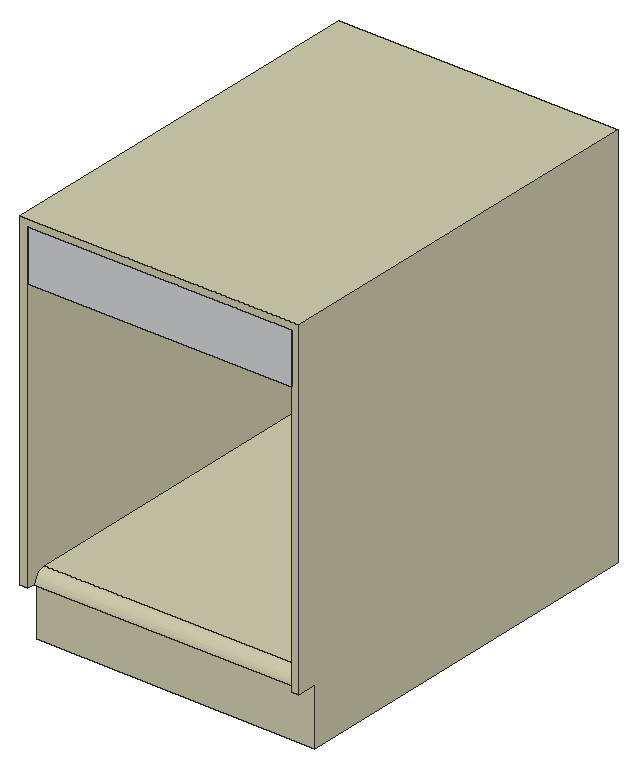
Revit family "Wenger Cabinet 50", category Furniture, Revit 2011
Parameters (values of type "Standard Cabinet #50")
  URL = "http://www.wengercorp.com/Home/Contact.html"
  Toekick Material [instance] = none
  RH End Panel [instance] = no
  Model = "50"
  Manufacturer = "Wenger Corporation"
  LH End Panel [instance] = no
  End Panel Material [instance] = none
  Edge Banding Material [instance] = none
  Door Material [instance] = none
  Description = "Standard Cabinet #50"
  Cabinet Width = 2' - 3 1/2"
  Cabinet Label = Labels : Standard
  Cabinet Height = 3' - 2 5/16"
  Cabinet Depth = 3' - 3 1/4"
  Cabinet Back Thickness = 0' - 0 3/4"
  Assembly Code = ""
Types (4): name | Model | Description | Cabinet Width | Cabinet Label | Cabinet Depth | Cabinet Back Thickness
  Standard Cabinet #50 | "50" | "Standard Cabinet #50" | 2' - 3 1/2" | Labels : Standard | 3' - 3 1/4" | 0' - 0 3/4"
  Acoustic Cabinet #50 | "50A" | "Acoustic Cabinet #50" | 2' - 3 1/2" | Labels : Acoustic | 3' - 5 3/4" | 0' - 3 1/4"
  Narrow Acoustic Cabinet #50 | "50NA" | "Narrow Acoustic Cabinet #50" | 1' - 9 1/2" | Labels : Narrow Acoustic | 3' - 5 3/4" | 0' - 3 1/4"
  Narrow Cabinet #50 | "50N" | "Narrow Cabinet #50" | 1' - 9 1/2" | Labels : Narrow | 3' - 3 1/4" | 0' - 0 3/4"
Reference planes (in)
  plane 1 "Front": y = 0
  plane 2: z = 0
  plane 3 "Left": x = 0
  plane 4 "Right": x = 27.5
  plane 5 "Back": y = 39.25
  plane 6 "Top": z = 38.3125
  plane 7: z = 5.625
  plane 8: x = 0.75
  plane 9: x = 26.75
  plane 10: z = 37.5625
  plane 11: y = 38.5
  plane 12: y = 2
  plane 13: y = 0.75
  plane 14: z = 32.5625
  plane 15: z = 6.75
Forms (in)
  Extrusion 1, solid, material "Wenger - Oyster"
    sketch origin (0, 0, 0) x (0, 1, 0) y (0, 0, 1)
      loop
        line (0, 38.3125) -> (0, 5.625) -> (2, 5.625) -> (2, 0) -> (39.25, 0) -> (39.25, 38.3125) -> (0, 38.3125)
    from 0 to 27.5
  Extrusion 2, void
    sketch origin (0, 0, 0) x (0, 1, 0) y (0, 0, 1)
      loop
        line (-5.5, 37.5625) -> (-5.5, 5.625) -> (0.75, 5.625)
        arc (0.75, 5.625) -> (1.18296, 6.40088) -> (2, 6.75) r 1.375
        line (2, 6.75) -> (38.5, 6.75) -> (38.5, 37.5625) -> (-5.5, 37.5625)
    from 0.75 to 26.75
  Extrusion 3, solid
    sketch origin (0, 0, 0) x (1, 0, 0) y (0, 0, 1)
      loop
        line (0.75, 37.5625) -> (0.75, 32.5625) -> (26.75, 32.5625) -> (26.75, 37.5625) -> (0.75, 37.5625)
    from 0 to -0.75
Cuts and joins
  Extrusion 2 cuts Extrusion 1
Lines and regions (in)
  symbolic lines
    curve 1: line (0, 39.25, 0) -> (27.5, 39.25, 0)
    curve 2: line (0, 0, 0) -> (0, 39.25, 0)
    curve 3: line (27.5, 0, 0) -> (0, 0, 0)
    curve 4: line (27.5, 39.25, 0) -> (27.5, 0, 0)
Dimensions and locks (in)
  locked: plane 3 "Left" to plane 8 at 0.75
  locked: plane 9 to plane 4 "Right" at 0.75
  "Cabinet Back Thickness": plane 5 "Back" to plane 11
  locked: plane 1 "Front" to plane 13 at 0.75
  locked: plane 1 "Front" to plane 12 at 2
  locked: plane 6 "Top" to plane 10 at 0.75
  plane 10 to plane 7 = 2' - 7 15/16"  (x2)
  locked: plane 15 to plane 7 at 1.125
  plane 9 to plane 3 "Left" = 2' - 2 3/4"
  "Cabinet Width": plane 3 "Left" to plane 4 "Right"
  locked: plane 7 to level at 5.625
  "Cabinet Height": plane 6 "Top" to level
  "Cabinet Depth": plane 1 "Front" to plane 5 "Back"
  plane 8 to plane 9 = 2' - 2"
  plane 10 to plane 14 = 0' - 5"
  aligned and locked: Extrusion 1 sketch curve to plane 6 "Top"
  aligned and locked: Extrusion 1 sketch curve to plane 5 "Back"
  aligned and locked: Extrusion 1 sketch curve to plane 1 "Front"
  aligned and locked: Extrusion 1 sketch curve to plane 7
  aligned and locked: Extrusion 1 sketch curve to plane 12
  aligned and locked: Extrusion 1 sketch curve to level
  aligned and locked: Extrusion 1 to plane 4 "Right"
  aligned and locked: Extrusion 1 to plane 3 "Left"
  aligned and locked: Extrusion 2 sketch curve to plane 10
  aligned and locked: Extrusion 2 sketch curve to plane 15
  aligned and locked: Extrusion 2 to plane 8
  aligned and locked: plane 3 "Left" to curve 2
  aligned and locked: curve 1 to plane 5 "Back"
  aligned and locked: plane 4 "Right" to curve 4
  aligned and locked: curve 3 to plane 1 "Front"
  aligned and locked: Extrusion 2 to plane 9
Automatic sketch dimensions
  Extrusion 2 sketch curve to plane 7 = 0' - 0"
  Extrusion 2 sketch curve to plane 13 = 0' - 0"
  Extrusion 2 sketch curve to plane 12 = 0' - 0"
  Extrusion 2 sketch curve to plane 11 = 0' - 0"
  plane 1 "Front" to Extrusion 2 sketch curve = 0' - 5 1/2"
  Extrusion 2 sketch curve to plane 12 = 0' - 0.10279"
  Extrusion 3 sketch curve to plane 8 = 0' - 0"
  plane 9 to Extrusion 3 sketch curve = 0' - 0"
  Extrusion 3 sketch curve to plane 14 = 0' - 0"
  Extrusion 3 sketch curve to plane 10 = 0' - 0"
Nested families (in)
  nested 1: "LH End Panel" at (0, 24.25, 0) x (0, -1, 0) z (0, 0, 1), End Panel Material <- "End Panel Material", visible <- "LH End Panel", Edge Banding Material <- "Edge Banding Material", type "20x84 LH"
    with End Panel Material none, Edge Banding Material none, End Panel Height 3' - 2 5/16", End Panel Depth 3' - 3 1/4"
  nested 2: "RH End Panel" at (28.25, 24.25, 0) x (0, -1, 0) z (0, 0, 1), End Panel Material <- "End Panel Material", visible <- "RH End Panel", Edge Banding Material <- "Edge Banding Material", type "20x84 RH"
    with End Panel Material none, Edge Banding Material none, End Panel Height 3' - 2 5/16", End Panel Depth 3' - 3 1/4"
  nested 3: "Labels" at (11.09076, 19.33619, 0), type <- "Cabinet Label", type "Standard"
  nested 4: "Front Note" at (11.38479, 0.75, 0), type "Front Note", detail levels medium+fine
Definition of nested family "LH End Panel"
  Parameters (values of type "20x84 LH")
    End Panel Material [instance] = none
    End Panel Height = 7' - 1 5/8"
    End Panel Depth = 1' - 7 1/4"
    Edge Banding Material [instance] = none
    Default Elevation = 4' - 0"
    Assembly Code = ""
  Reference planes (in)
    plane 1 "Center (Front/Back)": y = 0
    plane 2: z = 0
    plane 3 "Center (Left/Right)": x = 0
    plane 4: x = -15
    plane 5: x = 4.25
    plane 6: z = 5.625
    plane 7: x = 2.25
    plane 8: z = 85.625
    plane 9: y = -0.75
  Forms (in)
    Extrusion 1, solid, material <- "End Panel Material"
      sketch origin (0, 0, 0) x (1, 0, 0) y (0, 0, 1)
        loop
          line (-15, 85.625) -> (-15, 0) -> (2.25, 0) -> (2.25, 5.625) -> (4.25, 5.625) -> (4.25, 85.625) -> (-15, 85.625)
      from 0 to 0.75
  Dimensions and locks (in)
    locked: plane 7 to plane 5 at 2
    locked: plane 6 to level at 5.625
    "End Panel Height": plane 8 to level
    "End Panel Depth": plane 5 to plane 4
    locked: plane 9 to plane 1 "Center (Front/Back)" at 0.75
    aligned and locked: plane 4 to Extrusion 1 sketch curve
    aligned and locked: level to Extrusion 1 sketch curve
    aligned and locked: plane 7 to Extrusion 1 sketch curve
    aligned and locked: plane 6 to Extrusion 1 sketch curve
    aligned and locked: Extrusion 1 sketch curve to plane 5
    aligned and locked: Extrusion 1 sketch curve to plane 8
    aligned and locked: Extrusion 1 to plane 9
    aligned and locked: Extrusion 1 to plane 1 "Center (Front/Back)"
Definition of nested family "RH End Panel"
  Parameters (values of type "20x84 RH")
    End Panel Material [instance] = none
    End Panel Height = 7' - 1 5/8"
    End Panel Depth = 1' - 7 1/4"
    Edge Banding Material [instance] = none
    Default Elevation = 4' - 0"
    Assembly Code = ""
  Reference planes (in)
    plane 1 "Center (Front/Back)": y = 0
    plane 2: z = 0
    plane 3 "Center (Left/Right)": x = 0
    plane 4: x = -15
    plane 5: x = 4.25
    plane 6: z = 5.625
    plane 7: x = 2.25
    plane 8: z = 85.625
    plane 9: y = -0.75
  Forms (in)
    Extrusion 1, solid, material <- "End Panel Material"
      sketch origin (0, 0, 0) x (1, 0, 0) y (0, 0, 1)
        loop
          line (-15, 85.625) -> (-15, 0) -> (2.25, 0) -> (2.25, 5.625) -> (4.25, 5.625) -> (4.25, 85.625) -> (-15, 85.625)
      from 0 to 0.75
  Dimensions and locks (in)
    locked: plane 7 to plane 5 at 2
    locked: plane 6 to level at 5.625
    "End Panel Height": plane 8 to level
    "End Panel Depth": plane 5 to plane 4
    locked: plane 9 to plane 1 "Center (Front/Back)" at 0.75
    aligned and locked: plane 4 to Extrusion 1 sketch curve
    aligned and locked: level to Extrusion 1 sketch curve
    aligned and locked: plane 7 to Extrusion 1 sketch curve
    aligned and locked: plane 6 to Extrusion 1 sketch curve
    aligned and locked: Extrusion 1 sketch curve to plane 5
    aligned and locked: Extrusion 1 sketch curve to plane 8
    aligned and locked: Extrusion 1 to plane 9
    aligned and locked: Extrusion 1 to plane 1 "Center (Front/Back)"
Definition of nested family "Labels"
  Parameters (values of type "Standard")
    Cabinet Label = "01"
  Types (4): name | Cabinet Label
    Standard | "01"
    Narrow | "01N"
    Narrow Acoustic | "01NA"
    Acoustic | "01A"
  Reference planes (in)
    plane 1: y = 0
    plane 2: x = 0
  Text (in)
    label "xxxx" at (-0.00018, 0.00754, 0), shows "Cabinet Label"
Definition of nested family "Front Note"
  Parameters (values of type "Front Note")
    Cabinet Label = "Front"
  Reference planes (in)
    plane 1: y = 0
    plane 2: x = 0
  Text (in)
    label "Front" at (-0.00018, 0.00754, 0), shows "Cabinet Label"
